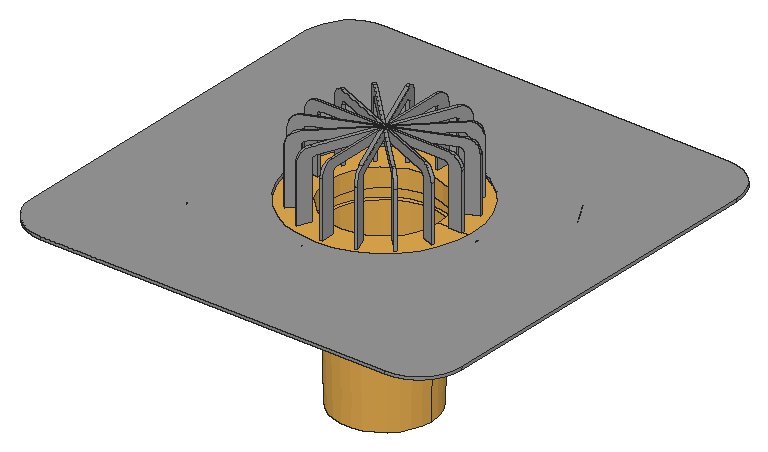
Revit family "TOPWET_Střešní vpust TW(E) 110 S", category Instalační zařizovací předměty, Revit 2016
Family settings
  Typ součásti = Normální
  Kóta kulaté spojky = Použít průměr
  Číslo OmniClass = 23.70.50.21.24
  Nadpis OmniClass = Waste Water Drains
  Založené na pracovní rovině = Ano
  Vždy vertikální = Ano
  Ořezat dutým tvarem při načtení = Ne
  Sdílené = Ne
  Bod výpočtu místnosti = Ne
Parameters (values of type "TW 110 BIT S svislé provedení, manžeta z asfaltového pásu")
  Šachta pro zelené střechy 400x400 [instance] = no
  Šachta pro zelené střechy 300x300 [instance] = no
  Šachta pro zelené střechy_výška [instance] = 500 mm
  ZUM [instance] = if(Nástavec střešní vpusti TWN, VN - 36 mm, 29.2 mm)  # 29.2 mm
  Vodní zápachová uzávěrka [instance] = no
  VZU [instance] = if(Nástavec střešní vpusti TWN, VN + 36.3 mm, 101 mm)  # 101 mm
  VZ [instance] = if(Nástavec střešní vpusti TWN, VN + 48 mm, 110 mm)  # 110 mm
  VTN [instance] = if(Nástavec střešní vpusti TWN, VN - 3 mm, 62.7 mm)  # 62.7 mm
  VS [instance] = if(Nástavec střešní vpusti TWN, VN + 47.3 mm, 113 mm)  # 113 mm
  VPK [instance] = if(Nástavec střešní vpusti TWN, VN - 57.5 mm, 8.5 mm)  # 8.5 mm
  VOK [instance] = if(Nástavec střešní vpusti TWN, VN - 18 mm, 47.7 mm)  # 47.7 mm
  Typ nástavce střešní vpusti TWN [instance] = Nástavec střešní vpusti TWN : TWN BIT
  Terasový nástavec TW TER_výška [instance] = 150 mm
  Terasový nástavec TW TER [instance] = no
  TNP [instance] = if(Nástavec střešní vpusti TWN, if(Perforovaný terasový nástavec TW TER P_Odvodňovací kroužky, VN + 40.3 mm + NOK, VN + 40.3 mm), if(Perforovaný terasový nástavec TW TER P_Odvodňovací kroužky, 107 mm + NOK, 107 mm))  # 107 mm
  TERC [instance] = and(Odvodňovací kroužek TW ODK_k nástavci TW TER P > 1, Perforovaný terasový nástavec TW TER P_Odvodňovací kroužky)  # no
  SZS [instance] = if(Nástavec střešní vpusti TWN, VN - 61.7 mm, 3 mm)  # 3 mm
  Plochý ochranný koš TW PLK [instance] = no
  Perforovaný terasový nástavec TW TER P_výška [instance] = 220 mm
  Odvodňovací kroužek TW ODK_k nástavci TW TER P [instance] = 1
  Perforovaný terasový nástavec TW TER P [instance] = no
  POK [instance] = if(Nástavec střešní vpusti TWN, VN - 65.7 mm, 0 mm)  # 0 mm
  TER [instance] = if(Odvodňovací kroužek TW ODK_k nástavci TW TER P < 2, 2, Odvodňovací kroužek TW ODK_k nástavci TW TER P)  # 2
  Perforovaný terasový nástavec TW TER P_Odvodňovací kroužky [instance] = Perforovaný terasový nástavec TW TER P  # no
  OKB [instance] = and(Odvodňovací kroužek TW ODK_k nástavci TW TER P = 1, Perforovaný terasový nástavec TW TER P_Odvodňovací kroužky)  # no
  Nástavec střešní vpusti TWN_výška [instance] = 300 mm
  Výrobce = "TOPWET"  # constant formula
  Default Elevation = 0 mm
  VN [instance] = Nástavec střešní vpusti TWN_výška + 68.7 mm  # 368.7 mm
  VK [instance] = if(Nástavec střešní vpusti TWN, VN - 61.7 mm, 0 mm)  # 0 mm
  URL = "http://www.topwet.cz/produkty/10-svisla-stresni-vpust-s-integrovanou-bitumenovou-manzetou"
  Typ obrázku = TW 75 BIT S.jpg
  T = 1
  Připojení odpadu = yes
  Perforovaný ochranný koš TWOK_počet nástavců [instance] = 3
  Popis = "Vpusť"
  Perforovaný ochranný koš TWOK [instance] = no
  PRŮTOK = 6.3 L/s  # constant formula
  Ochranný koš [instance] = and(not(Perforovaný ochranný koš TWOK), not(Terasový nástavec TW TER), not(Perforovaný terasový nástavec TW TER P), not(Plochý ochranný koš TW PLK))  # yes
  OBJEDNACÍ KÓD [instance] = if(T = 1, if(Elektrické vyhřívání_Vpusť, "TWE 110 BIT S", "TW 110 BIT S"), if(T = 2, if(Elektrické vyhřívání_Vpusť, "TWE 110 PVC S", "TW 110 PVC S"), if(T = 3, if(Elektrické vyhřívání_Vpusť, "TWE 110 ___ S", "TW 110 ___ S"), "NEDEFINOVÁNO")))  # "TW 110 BIT S"
  Nástavec střešní vpusti TWN [instance] = no
  NOK [instance] = if(Perforovaný terasový nástavec TW TER P_Odvodňovací kroužky, Odvodňovací kroužek TW ODK_k nástavci TW TER P * 33 mm, 0 mm)  # 0 mm
  Model = "viz OBJEDNACÍ KÓD"
  Mechanická zápachová uzávěrka [instance] = no
  MZK [instance] = if(Nástavec střešní vpusti TWN, VN - 26 mm, 39 mm)  # 39 mm
  Límec_Materiál = Plast - černý
  Komentáře k typům = "Střešní vpust TOPWET s integrovanou manžetou z modifikovaného asfaltového pásu, svislé provedení, tepelně izolovaná - dvojstěnná s ochranným košem"
  Klíčová poznámka = "TW 110 ___ S"
  JMENOVITÝ PRŮMĚR = 110 mm  # constant formula
  Elektrické vyhřívání_Vpusť = no
  Cena = 0
  COPYRIGHT = "©TOPWET"  # constant formula
Reference planes
  plane 1 "Střed (vpředu/vzadu)": y = 0
  plane 2 "Vkládací rovina": z = 0
  plane 3 "Střed (vlevo/vpravo)": x = 0
  plane 4 "Rovina osazení spodní hrany terasového nástavce TW TER P": z = -12
  plane 5 "Rovina osazení spodní hrany zápachové uzávěry": z = -121.954
  plane 6 "Rovina osazení spodní hrany vpusti TWN": z = -62.654
  plane 7 "Rovina osazení horní hrany mechanické zápachové klapky": z = -23.485
  plane 8: z = -210
  plane 9: z = -14.954
  plane 10 "pomocná rovina": through (4267.2, 0.017, -62.631) normal (0, 0.454, 0.891)
  plane 11: z = 0.046
  plane 12: z = -33.454
Forms (mm)
  Extrusion 1, solid, material "Plast - černý" <- "Límec_Materiál", detail levels medium+fine
    sketch origin (0, 0, 0) x (1, 0, 0) y (0, 1, 0)
      loop
        arc (-200, 250) -> (-235.355, 235.355) -> (-250, 200) r 50
        line (-250, 200) -> (-250, -200)
        arc (-250, -200) -> (-235.355, -235.355) -> (-200, -250) r 50
        line (-200, -250) -> (200, -250)
        arc (200, -250) -> (235.355, -235.355) -> (250, -200) r 50
        line (250, -200) -> (250, 200)
        arc (250, 200) -> (235.355, 235.355) -> (200, 250) r 50
        line (200, 250) -> (-200, 250)
      loop
        circle (0, 0) r 102.863
    from 0 to 3
  Sweep 2, solid, visible <- "Elektrické vyhřívání_Vpusť", detail levels medium+fine
    path origin (-35.053, 0, -44.762) x (-0.891007, 0, 0.45399) y (0, -1, 0)
      loop
        arc (-40.205, 73.652) -> (-137.53, 202.282) -> (-280, 126.651) r 124.374
        arc (-280, 126.651) -> (-280.843, -30.817) -> (-174.85, -147.275) r 216.685
    profile origin (87.487, -202.282, -107.199) x (0.192289, 0.976435, -0.097976) y (0.45399, 0, 0.891007)
      loop
        circle (0, 0) r 4
  Revolve 3, solid, material "Plast - hnědý", detail levels medium+fine
    sketch origin (0, 0, 0) x (1, 0, 0) y (0, 0, 1)
      loop
        line (-64, -21) -> (-64, 0) -> (-181, 0) -> (-181, -3) -> (-108.601, -3) -> (-90.057, -18.735)
        arc (-90.057, -18.735) -> (-84.031, -22.252) -> (-77.163, -23.485) r 20
        line (-77.163, -23.485) -> (-73.768, -119.743)
        arc (-73.768, -119.743) -> (-71.849, -125.841) -> (-67.072, -130.088) r 12
        line (-67.072, -130.088) -> (-56.897, -135.093) -> (-55, -210) -> (-50.999, -210) -> (-53.347, -117.263) -> (-61.5, -111) -> (-63.5, -33.485) -> (-68.499, -33.485) -> (-68.499, -21) -> (-64, -21)
      axis (0, -210) -> (0, 0)
    angle from 0 to 360
Lines and regions (mm)
  model lines, detail levels coarse+medium
    curve 1: line (0, 0, -100) -> (100, 0, 0)
    curve 2: line (0, 0, -100) -> (-100, 0, 0)
    curve 3: line (0, 0, -100) -> (0, 0, -210)
  symbolic lines, detail levels coarse+medium
    curve 4: line (0, 0, -97) -> (0, -100, 3)
    curve 5: line (0, 0, -97) -> (0, 100, 3)
    curve 6: line (0, 0, -97) -> (0, 0, -210)
    curve 7: circle (0, 0, 0) r 180 normal (0, 0, 1)
    curve 8: line (0, -181, 0) -> (0, 181, 0)
  symbolic lines, not visible, detail levels coarse+medium
    curve 9: circle (554.665, 348.517, 0) r 180 normal (0, 0, 1)
    curve 10: line (554.665, 167.517, 0) -> (554.665, 529.517, 0)
  model lines, not visible
    curve 11: line (0, 0, -33.5) -> (0, 0, -76)
Text (mm)
  text "Pro vkládní volitelných komponent použijte Konstrukční pohled" at (0, -25.874, 126.206), in view "Levý"
  text "Pro vkládní volitelných komponent použijte Konstrukční pohled" at (0, 24.971, 129.933), in view "Pravý"
  text "Pro vkládní volitelných komponent použijte Konstrukční pohled" at (-25.479, 0, 126.207), in view "Zadní"
  text "Rovina osazení spodní hrany zápachové uzávěry" at (115.374, 0, -123.298), in view "Konstrukční pohled"
  text "Rovina osazení spodní hrany terasového nástavce TW TER P" at (115.374, 0, -12.728), in view "Konstrukční pohled"
  text "Rovina osazení spodní hrany nástavce TWN" at (115.374, 0, -63.998), in view "Konstrukční pohled"
  text "Rovina osazení horní hrany mechanické zápachové klapky" at (115.374, 0, -24.213), in view "Konstrukční pohled"
Dimensions and locks
  "VN": nested 2 to plane 6 "Rovina osazení spodní hrany vpusti TWN"
  "VK": nested 1 to plane 2 "Vkládací rovina"
  "VPK": nested 3 to plane 7 "Rovina osazení horní hrany mechanické zápachové klapky"
  "TNP": nested 5 to plane 5 "Rovina osazení spodní hrany zápachové uzávěry"
  "POK": nested 6 to Extrusion 1
  "SZS": nested 7 to plane 2 "Vkládací rovina"
  "VZU": nested 10 to plane 5 "Rovina osazení spodní hrany zápachové uzávěry"
  "VZ": curve 3 to curve 3
  locked: curve 1 to curve 3 at 141.421
  locked: curve 3 to curve 2 at 141.421
  locked: nested 2 to curve 2 at 100
  locked: curve 1 to nested 2 at 100
  "SZS": nested 8 to plane 2 "Vkládací rovina"
  group 3 to group 4 = 0 mm  (x2)
  group 3 to group 4 = 33 mm
  "VOK": plane 9 to plane 6 "Rovina osazení spodní hrany vpusti TWN"
  locked: nested 12 to plane 9 at 33
  "VTN": plane 11 to plane 6 "Rovina osazení spodní hrany vpusti TWN"
  "ZUM": plane 12 to plane 6 "Rovina osazení spodní hrany vpusti TWN"
  "VS": curve 6 to plane 8
  locked: curve 5 to curve 6 at 141.421
  locked: curve 6 to curve 4 at 141.421
  locked: curve 5 to curve 2 at 100
  aligned and locked: level to plane 2 "Vkládací rovina"
  aligned and locked: plane 8 to curve 3
  aligned and locked: plane 9 to nested 11
  aligned and locked: plane 9 to nested 13
  aligned and locked: nested 13 to nested 13
  aligned and locked: plane 11 to nested 4
  aligned and locked: plane 12 to nested 9
Automatic sketch dimensions
  plane 1 "Střed (vpředu/vzadu)" to Extrusion 1 sketch curve = 0 mm
  Extrusion 1 sketch curve to plane 3 "Střed (vlevo/vpravo)" = 0 mm
  Extrusion 1 sketch curve to plane 3 "Střed (vlevo/vpravo)" = 200 mm  (x2)
  Extrusion 1 sketch curve to Extrusion 1 sketch curve = 50 mm  (x2)
  plane 3 "Střed (vlevo/vpravo)" to Extrusion 1 sketch curve = 200 mm  (x2)
  plane 1 "Střed (vpředu/vzadu)" to Extrusion 1 sketch curve = 200 mm
  Extrusion 1 sketch curve to plane 1 "Střed (vpředu/vzadu)" = 200 mm
  plane 1 "Střed (vpředu/vzadu)" to Sweep 2 sketch curve = 80.839 mm
  plane 1 "Střed (vpředu/vzadu)" to Sweep 2 sketch curve = 46.836 mm
  Sweep 2 sketch curve to Sweep 2 sketch curve = 85.821 mm
  Sweep 2 sketch curve to Sweep 2 sketch curve = 96.3 mm
  Sweep 2 sketch curve to Sweep 2 sketch curve = 115.629 mm
  Sweep 2 sketch curve to Sweep 2 sketch curve = 0 mm
  Sweep 2 sketch curve to Sweep 2 sketch curve = 38.345 mm
  Sweep 2 sketch curve to profile plane = 0 mm  (x2)
  Revolve 3 sketch curve to level = 0 mm  (x2)
  Revolve 3 sketch curve to plane 7 "Rovina osazení horní hrany mechanické zápachové klapky" = 0 mm
  Revolve 3 sketch curve to plane 8 = 0 mm
  Revolve 3 sketch curve to plane 3 "Střed (vlevo/vpravo)" = 0 mm
  Revolve 3 sketch curve to plane 3 "Střed (vlevo/vpravo)" = 50.999 mm
  plane 5 "Rovina osazení spodní hrany zápachové uzávěry" to Revolve 3 sketch curve = 4.691 mm
  Revolve 3 sketch curve to plane 3 "Střed (vlevo/vpravo)" = 53.347 mm
  Revolve 3 sketch curve to Revolve 3 sketch curve = 4.001 mm
  Revolve 3 sketch curve to plane 5 "Rovina osazení spodní hrany zápachové uzávěry" = 13.139 mm
  Revolve 3 sketch curve to Revolve 3 sketch curve = 3.55 mm
  plane 5 "Rovina osazení spodní hrany zápachové uzávěry" to Revolve 3 sketch curve = 10.954 mm
  Revolve 3 sketch curve to Revolve 3 sketch curve = 8.153 mm
  plane 5 "Rovina osazení spodní hrany zápachové uzávěry" to Revolve 3 sketch curve = 2.633 mm
  Revolve 3 sketch curve to Revolve 3 sketch curve = 0.275 mm
  Revolve 3 sketch curve to plane 7 "Rovina osazení horní hrany mechanické zápachové klapky" = 10 mm
  Revolve 3 sketch curve to plane 3 "Střed (vlevo/vpravo)" = 63.5 mm
  plane 7 "Rovina osazení horní hrany mechanické zápachové klapky" to Revolve 3 sketch curve = 2.485 mm
  Revolve 3 sketch curve to Revolve 3 sketch curve = 0.5 mm
  Revolve 3 sketch curve to plane 5 "Rovina osazení spodní hrany zápachové uzávěry" = 8.134 mm
  Revolve 3 sketch curve to Revolve 3 sketch curve = 10.175 mm
  Revolve 3 sketch curve to Revolve 3 sketch curve = 4.999 mm
  plane 5 "Rovina osazení spodní hrany zápachové uzávěry" to Revolve 3 sketch curve = 2.21 mm
  Revolve 3 sketch curve to level = 3.485 mm
  Revolve 3 sketch curve to Revolve 3 sketch curve = 13.117 mm
  Revolve 3 sketch curve to Revolve 3 sketch curve = 8.664 mm
  plane 7 "Rovina osazení horní hrany mechanické zápachové klapky" to Revolve 3 sketch curve = 4.75 mm
  Revolve 3 sketch curve to level = 3 mm
  Revolve 3 sketch curve to Revolve 3 sketch curve = 18.544 mm
  Revolve 3 sketch curve to Revolve 3 sketch curve = 72.399 mm
  level to Revolve 3 sketch curve = 20 mm
  curve 5 to plane 1 "Střed (vpředu/vzadu)" = 0 mm
  curve 6 to plane 8 = 0 mm
  curve 2 to plane 3 "Střed (vlevo/vpravo)" = 0 mm
  curve 11 to plane 3 "Střed (vlevo/vpravo)" = 0 mm
  curve 11 to plane 6 "Rovina osazení spodní hrany vpusti TWN" = 13.346 mm
  curve 11 to plane 12 = 0.046 mm
  radius of Extrusion 1 sketch curve = 102.863 mm
  radius of Sweep 2 sketch curve = 4 mm
Nested families
  nested 1: "Ochranný koš" at (0, 0, 0), visible <- "Ochranný koš", type "Ochranný koš", detail levels medium+fine
  nested 2: "Nástavec střešní vpusti TWN" at (0, 0, 303.046), Výška <- "Nástavec střešní vpusti TWN_výška", Použít měřítko poznámky <- "Nástavec střešní vpusti TWN", visible <- "Nástavec střešní vpusti TWN", type <- "Typ nástavce střešní vpusti TWN", type "TWN BIT"
    with Výška 300 mm, Viditelnost yes, V 362.7 mm, Použít měřítko poznámky 0, OBJEDNACÍ KÓD "TWN v300 BIT", K 300 mm, D -362.7 mm
  nested 3: "Perforovaný ochranný koš TWOK" at (0, 0, 99.015), visible <- "Perforovaný ochranný koš TWOK", Počet nástavců <- "Perforovaný ochranný koš TWOK_počet nástavců", type "Perforovaný ochranný koš TWOK"
    with Výška 99 mm, VPK yes, VOK yes, Počet nástavců 3, PKK 99 mm, PK 3, P 2, OK 15 mm, OBJEDNACÍ KÓD "TWOK v100", Kontrola yes, K1 no
  nested 4: "Terasový nástavec TW TER" at (0, 0, 135.046), Výška <- "Terasový nástavec TW TER_výška", visible <- "Terasový nástavec TW TER", type "Terasový nástavec TW TER"
    with Výška 150 mm, VK yes, PK 10, OBJEDNACÍ KÓD "TW TER", MD1 -117 mm, Kontrola yes, KO -8 mm, E 97.5 mm, D 117 mm
  nested 5: "Perforovaný terasový nástavec TW TER P" at (0, 0, 205.046), visible <- "Perforovaný terasový nástavec TW TER P", Výška <- "Perforovaný terasový nástavec TW TER P_výška", type "Perforovaný terasový nástavec TW TER P"
    with Výška 220 mm, VN3 yes, VN2 yes, VN1 yes, VK yes, PK 10, OBJEDNACÍ KÓD "TW TER P", MD1 -121 mm, Kontrola yes, KO -8 mm, E 101.5 mm, D 121 mm
  nested 6: "Plochý ochranný koš TW PLK" at (0, 0, 0), visible <- "Plochý ochranný koš TW PLK", type "Plochý ochranný koš TW PLK", detail levels fine
    with OBJEDNACÍ KÓD "TW PLK"
  nested 7: "Šachta pro zelené střechy" at (0, 0, 503), Výška <- "Šachta pro zelené střechy_výška", visible <- "Šachta pro zelené střechy 300x300", type "TWZ 300x300"
    with Výška 500 mm, SN 36 mm, S1 0 mm, Počet lamel 5, PP 4, ON -436 mm, OBJEDNACÍ KÓD "TWZ 300x300x530", LAP yes, LAN yes, LA1 no, Kontrola yes, KO -43 mm, H 530 mm
  nested 8: "Šachta pro zelené střechy" at (0, 0, 503), Výška <- "Šachta pro zelené střechy_výška", visible <- "Šachta pro zelené střechy 400x400", type "TWZ 400x400"
    with Výška 500 mm, SN 36 mm, S1 0 mm, Počet lamel 5, PP 4, ON -436 mm, OBJEDNACÍ KÓD "TWZ 400x400x530", LAP yes, LAN yes, LA1 no, Kontrola yes, KO -43 mm, H 530 mm
  nested 9: "Mechanická zápachová klapka" at (0, 0, -24.154), visible <- "Mechanická zápachová uzávěrka", type "Mechanická zápachová klapka", detail levels fine
    with OBJEDNACÍ KÓD "TWZU KL"
  nested 10: "Vodní zápachová uzávěra" at (0, 0, -20.954), visible <- "Vodní zápachová uzávěrka", type "Vodní zápachová uzávěra", detail levels fine
    with OBJEDNACÍ KÓD "TWZU"
  nested 11: "Odvodňovací kroužek pro ochranný koš TW ODK" at (0, 0, 18.046), visible <- "TERC", type "Odvodňovací kroužek pro ochranný koš TW ODK"
    with Seříznutí 0 mm, OBJEDNACÍ KÓD "TW ODK"
  nested 12: "Odvodňovací kroužek pro ochranný koš TW ODK" at (0, 0, 51.046), visible <- "TERC", type "Odvodňovací kroužek pro ochranný koš TW ODK"
    with Seříznutí 0 mm, OBJEDNACÍ KÓD "TW ODK"
  nested 13: "Odvodňovací kroužek pro ochranný koš TW ODK" at (0, 0, 18.046), visible <- "OKB", type "Odvodňovací kroužek pro ochranný koš TW ODK"
    with Seříznutí 0 mm, OBJEDNACÍ KÓD "TW ODK"
Connectors
  piping at (0, 0, -210), diameter 110, driven by "JMENOVITÝ PRŮMĚR", driven by "PRŮTOK"
    settings: on Revolve 3, index 1, connector inside diameter 609.6 mm, connector length 0 mm, flow factor 0, pipe flow 6.3 L/s, pressure drop 0.0 Pa, fitting loss kfactor 0, connector angle 0.00°, fixture units 0, engagement length 0 mm, angle of deflection 0.00°, flow configuration 1, flow direction 2, fitting loss method 0, system type 16, joint type 0, gender type 0, connector reference index -1, connector utility 0, adjustable connector yes, is connector primary yes, connector description "DO DEŠŤOVÉ KANALIZACE"
Definition of nested family "Ochranný koš"
  Parameters (values of type "Ochranný koš")
    Manufacturer = "TOPWET"  # constant formula
    URL = ""
    Description = "Příslušenství vpusti - není volitelné příslušenství"
    Model = "Model"
    Type Comments = "Komentáře k typům"
    Cost = 0
    Copyright = "©TOPWET"  # constant formula
  Reference planes
    plane 1 "Střed (vpředu/vzadu)": y = 0
    plane 2: z = 0
    plane 3 "Střed (vlevo/vpravo)": x = 0
  Forms (mm)
    Extrusion 1, solid, detail levels fine
      sketch origin (0, 0, 0) x (1, 0, 0) y (0, 0, 1)
        loop
          line (76.5, 79) -> (-76.5, 79)
          arc (-76.5, 79) -> (-87.107, 74.607) -> (-91.5, 64) r 15
          line (-91.5, 64) -> (-91.5, 0) -> (-76.5, 0) -> (-76.5, 64)
          arc (-76.5, 64) -> (-75.036, 67.536) -> (-71.5, 69) r 5
          line (-71.5, 69) -> (71.5, 69)
          arc (71.5, 69) -> (75.036, 67.536) -> (76.5, 64) r 5
          line (76.5, 64) -> (76.5, 0) -> (91.5, 0) -> (91.5, 64)
          arc (91.5, 64) -> (87.107, 74.607) -> (76.5, 79) r 15
      from -1.5 to 1.5
    Extrusion 2, solid, detail levels fine
      sketch origin (0, 0, 0) x (0, 1, 0) y (0, 0, 1)
        loop
          line (76.5, 79) -> (-76.5, 79)
          arc (-76.5, 79) -> (-87.107, 74.607) -> (-91.5, 64) r 15
          line (-91.5, 64) -> (-91.5, 0) -> (-76.5, 0) -> (-76.5, 64)
          arc (-76.5, 64) -> (-75.036, 67.536) -> (-71.5, 69) r 5
          line (-71.5, 69) -> (71.5, 69)
          arc (71.5, 69) -> (75.036, 67.536) -> (76.5, 64) r 5
          line (76.5, 64) -> (76.5, 0) -> (91.5, 0) -> (91.5, 64)
          arc (91.5, 64) -> (87.107, 74.607) -> (76.5, 79) r 15
      from -1.5 to 1.5
    Extrusion 3, solid, detail levels fine
      sketch origin (0, 0, 0) x (0.382683, 0.92388, 0) y (0, 0, 1)
        loop
          line (76.5, 79) -> (-76.5, 79)
          arc (-76.5, 79) -> (-87.107, 74.607) -> (-91.5, 64) r 15
          line (-91.5, 64) -> (-91.5, 0) -> (-76.5, 0) -> (-76.5, 64)
          arc (-76.5, 64) -> (-75.036, 67.536) -> (-71.5, 69) r 5
          line (-71.5, 69) -> (71.5, 69)
          arc (71.5, 69) -> (75.036, 67.536) -> (76.5, 64) r 5
          line (76.5, 64) -> (76.5, 0) -> (91.5, 0) -> (91.5, 64)
          arc (91.5, 64) -> (87.107, 74.607) -> (76.5, 79) r 15
      from -1.5 to 1.5
    Extrusion 4, solid, detail levels fine
      sketch origin (0, 0, 0) x (0.707107, 0.707107, 0) y (0, 0, 1)
        loop
          line (76.5, 79) -> (-76.5, 79)
          arc (-76.5, 79) -> (-87.107, 74.607) -> (-91.5, 64) r 15
          line (-91.5, 64) -> (-91.5, 0) -> (-76.5, 0) -> (-76.5, 64)
          arc (-76.5, 64) -> (-75.036, 67.536) -> (-71.5, 69) r 5
          line (-71.5, 69) -> (71.5, 69)
          arc (71.5, 69) -> (75.036, 67.536) -> (76.5, 64) r 5
          line (76.5, 64) -> (76.5, 0) -> (91.5, 0) -> (91.5, 64)
          arc (91.5, 64) -> (87.107, 74.607) -> (76.5, 79) r 15
      from -1.5 to 1.5
    Extrusion 5, solid, detail levels fine
      sketch origin (0, 0, 0) x (0.92388, 0.382683, 0) y (0, 0, 1)
        loop
          line (76.5, 79) -> (-76.5, 79)
          arc (-76.5, 79) -> (-87.107, 74.607) -> (-91.5, 64) r 15
          line (-91.5, 64) -> (-91.5, 0) -> (-76.5, 0) -> (-76.5, 64)
          arc (-76.5, 64) -> (-75.036, 67.536) -> (-71.5, 69) r 5
          line (-71.5, 69) -> (71.5, 69)
          arc (71.5, 69) -> (75.036, 67.536) -> (76.5, 64) r 5
          line (76.5, 64) -> (76.5, 0) -> (91.5, 0) -> (91.5, 64)
          arc (91.5, 64) -> (87.107, 74.607) -> (76.5, 79) r 15
      from -1.5 to 1.5
    Extrusion 6, solid, detail levels fine
      sketch origin (0, 0, 0) x (-0.382683, 0.92388, 0) y (0, 0, -1)
        loop
          arc (76.5, -79) -> (87.107, -74.607) -> (91.5, -64) r 15
          line (91.5, -64) -> (91.5, 0) -> (76.5, 0) -> (76.5, -64)
          arc (76.5, -64) -> (75.036, -67.536) -> (71.5, -69) r 5
          line (71.5, -69) -> (-71.5, -69)
          arc (-71.5, -69) -> (-75.036, -67.536) -> (-76.5, -64) r 5
          line (-76.5, -64) -> (-76.5, 0) -> (-91.5, 0) -> (-91.5, -64)
          arc (-91.5, -64) -> (-87.107, -74.607) -> (-76.5, -79) r 15
          line (-76.5, -79) -> (76.5, -79)
      from -1.5 to 1.5
    Extrusion 7, solid, detail levels fine
      sketch origin (0, 0, 0) x (-0.707107, 0.707107, 0) y (0, 0, -1)
        loop
          arc (76.5, -79) -> (87.107, -74.607) -> (91.5, -64) r 15
          line (91.5, -64) -> (91.5, 0) -> (76.5, 0) -> (76.5, -64)
          arc (76.5, -64) -> (75.036, -67.536) -> (71.5, -69) r 5
          line (71.5, -69) -> (-71.5, -69)
          arc (-71.5, -69) -> (-75.036, -67.536) -> (-76.5, -64) r 5
          line (-76.5, -64) -> (-76.5, 0) -> (-91.5, 0) -> (-91.5, -64)
          arc (-91.5, -64) -> (-87.107, -74.607) -> (-76.5, -79) r 15
          line (-76.5, -79) -> (76.5, -79)
      from -1.5 to 1.5
    Extrusion 8, solid, detail levels fine
      sketch origin (0, 0, 0) x (-0.92388, 0.382683, 0) y (0, 0, -1)
        loop
          arc (76.5, -79) -> (87.107, -74.607) -> (91.5, -64) r 15
          line (91.5, -64) -> (91.5, 0) -> (76.5, 0) -> (76.5, -64)
          arc (76.5, -64) -> (75.036, -67.536) -> (71.5, -69) r 5
          line (71.5, -69) -> (-71.5, -69)
          arc (-71.5, -69) -> (-75.036, -67.536) -> (-76.5, -64) r 5
          line (-76.5, -64) -> (-76.5, 0) -> (-91.5, 0) -> (-91.5, -64)
          arc (-91.5, -64) -> (-87.107, -74.607) -> (-76.5, -79) r 15
          line (-76.5, -79) -> (76.5, -79)
      from -1.5 to 1.5
  Dimensions and locks
    aligned and locked: level to plane 2
Definition of nested family "Nástavec střešní vpusti TWN"
  Parameters (values of type "TWNE___ vyhřívaný")
    Výška_Minimální = if(Elektrické vyhřívání, 90 mm, 40 mm)  # 90 mm
    Výška_Maximální = 500 mm  # constant formula
    Výška [instance] = 500 mm
    Manufacturer = "TOPWET"  # constant formula
    Viditelnost [instance] = yes
    V [instance] = Výška + 62.7 mm  # 562.7 mm
    URL = "http://www.topwet.cz/produkty/148-nastavec-stresni-vpusti-s-integrovanou-manzetou-na-zakazku"
    Type Image = element 950273
    Použít měřítko poznámky [instance] = 0
    Description = "Příslušenství vpusti"
    OBJEDNACÍ KÓD [instance] = size_lookup("TWN", "", "NEDEFINOVÁNO", M + K + 1000 mm + if(Elektrické vyhřívání, 10000 mm, 0 mm))  # "TWNE v500 ___"
    Model = "viz OBJEDNACÍ KÓD"
    M = 3 mm
    Límec = none
    Type Comments = "Vyhřívaný nástavec TOPWET s integrovanou manžetou na zakázku pro svislé a vodorovné provedení střešních vpustí TOPWET DN 70, 100 a 125 s těsnícím kroužkem, bez ochranného koše."
    Keynote = ""
    K [instance] = if(Výška > 300 mm, 500 mm, if(Výška > 220 mm, 300 mm, 220 mm))  # 500 mm
    Elektrické vyhřívání = yes
    D [instance] = if(or(Výška < Výška_Minimální, Výška > Výška_Maximální), -Výška_Maximální - 72.7 mm, -V)  # -562.7 mm
    Cost = 0
    COPYRIGHT = "©TOPWET"  # constant formula
  Types (6, lengths in mm): name | Výška_Minimální | URL | Type Image | OBJEDNACÍ KÓD | M | Type Comments | Elektrické vyhřívání
    TWN BIT | 40 | "http://www.topwet.cz/produkty/146-nastavec-stresni-vpusti-s-integrovanou-bitumenovou-manzetou" | element 950269 | "TWN v500 BIT" | 1 | "Nástavec TOPWET s integrovanou manžetou z modifikovaného asfaltového pásu pro svislé a vodorovné provedení střešních vpustí TOPWET DN 70, 100 a 125 s těsnicím kroužkem, bez ochranného koše." | no
    TWN PVC | 40 | "http://www.topwet.cz/produkty/147-nastavec-stresni-vpusti-s-integrovanou-pvc-manzetou" | element 950265 | "TWN v500 PVC" | 2 | "Nástavec TOPWET s integrovanou manžetou z hydroizolační fólie na bázi PVC pro svislé a vodorovné provedení střešních vpustí TOPWET DN 70, 100 a 125 s těsnícím kroužkem, bez ochranného koše." | no
    TWN___ | 40 | "http://www.topwet.cz/produkty/148-nastavec-stresni-vpusti-s-integrovanou-manzetou-na-zakazku" | element 950267 | "TWN v500 ___" | 3 | "Nástavec TOPWET s integrovanou manžetou na zakázku pro svislé a vodorovné provedení střešních vpustí TOPWET DN 70, 100 a 125 s těsnícím kroužkem, bez ochranného koše." | no
    TWNE___ vyhřívaný | 90 | "http://www.topwet.cz/produkty/148-nastavec-stresni-vpusti-s-integrovanou-manzetou-na-zakazku" | element 950273 | "TWNE v500 ___" | 3 | "Vyhřívaný nástavec TOPWET s integrovanou manžetou na zakázku pro svislé a vodorovné provedení střešních vpustí TOPWET DN 70, 100 a 125 s těsnícím kroužkem, bez ochranného koše." | yes
    TWNE BIT vyhřívaný | 90 | "http://www.topwet.cz/produkty/146-nastavec-stresni-vpusti-s-integrovanou-bitumenovou-manzetou" | element 950271 | "TWNE v500 BIT" | 1 | "Vyhřívaný nástavec TOPWET s integrovanou manžetou z modifikovaného asfaltového pásu pro svislé a vodorovné provedení střešních vpustí TOPWET DN 70, 100 a 125 s těsnicím kroužkem, bez ochranného koše." | yes
    TWNE PVC vyhřívaný | 90 | "http://www.topwet.cz/produkty/147-nastavec-stresni-vpusti-s-integrovanou-pvc-manzetou" | element 950273 | "TWNE v500 PVC" | 2 | "Vyhřívaný nástavec TOPWET s integrovanou manžetou z hydroizolační fólie na bázi PVC pro svislé a vodorovné provedení střešních vpustí TOPWET DN 70, 100 a 125 s těsnícím kroužkem, bez ochranného koše." | yes
  Reference planes
    plane 1 "Střed (vpředu/vzadu)": y = 0
    plane 2: z = 0
    plane 3 "Střed (vlevo/vpravo)": x = 0
    plane 4 "Maximum": z = -562.7
    plane 5 "Minimum": z = -40
    plane 6: z = -562.7
  Forms (mm)
    Extrusion 1, solid, material <- "Límec", visible <- "Viditelnost", detail levels medium+fine
      sketch origin (0, 0, 0) x (1, 0, 0) y (0, 1, 0)
        loop
          line (-200, -250) -> (200, -250)
          arc (200, -250) -> (235.355, -235.355) -> (250, -200) r 50
          line (250, -200) -> (250, 200)
          arc (250, 200) -> (235.355, 235.355) -> (200, 250) r 50
          line (200, 250) -> (-200, 250)
          arc (-200, 250) -> (-235.355, 235.355) -> (-250, 200) r 50
          line (-250, 200) -> (-250, -200)
          arc (-250, -200) -> (-235.355, -235.355) -> (-200, -250) r 50
        loop
          circle (0, 0) r 106.5
      from 0 to 3
    Revolve 2, solid, visible <- "Viditelnost", detail levels medium+fine
      sketch origin (0, 0, 0) x (1, 0, 0) y (0, 0, 1)
        loop
          line (62.5, -562.7) -> (62.5, -35.5) -> (71.5, -35.5) -> (109.5, -3) -> (146.5, -3) -> (146.5, 0) -> (64.5, 0) -> (64.5, -21) -> (68.5, -21) -> (68.5, -33) -> (56.5, -33) -> (56.5, -81) -> (59.5, -81) -> (59.5, -562.7) -> (62.5, -562.7)
        axis (0, 0) -> (0, -562.7)
      angle from 0 to 360
    Extrusion 3, void, detail levels fine
      sketch origin (0, 0, 0) x (1, 0, 0) y (0, 1, 0)
        loop
          circle (0, 0) r 200
      from -572.7 to -562.7 <- "D"
    Sweep 4, solid, visible <- "Elektrické vyhřívání", detail levels medium+fine
      path origin (-38.319, 11.345, -40.792) x (-0.882948, 0, 0.469472) y (0, -1, 0)
        loop
          arc (-40.205, 73.652) -> (-137.53, 202.282) -> (-280, 126.651) r 124.374
          arc (-280, 126.651) -> (-280.843, -30.817) -> (-174.85, -147.275) r 216.685
      profile origin (83.113, -190.937, -105.358) x (0.19055, 0.976435, -0.101317) y (0.469472, 0, 0.882948)
        loop
          circle (0, 0) r 4
    Revolve 5, solid, visible <- "Elektrické vyhřívání", detail levels medium+fine
      sketch origin (0, 0, 0) x (1, 0, 0) y (0, 0, 1)
        loop
          line (62.5, -100) -> (71.5, -100) -> (71.5, -35.5) -> (62.5, -35.5) -> (62.5, -100)
        axis (0, -35.5) -> (0, -100)
      angle from 0 to 360
  Cuts and joins
    Extrusion 3 cuts Revolve 2
  Dimensions and locks
    "V": plane 2 to plane 6
    aligned and locked: level to plane 2
    aligned and locked: plane 4 "Maximum" to Revolve 2 sketch curve
  Automatic sketch dimensions
    Extrusion 1 sketch curve to plane 3 "Střed (vlevo/vpravo)" = 200 mm  (x2)
    Extrusion 1 sketch curve to Extrusion 1 sketch curve = 50 mm  (x2)
    plane 3 "Střed (vlevo/vpravo)" to Extrusion 1 sketch curve = 200 mm  (x2)
    plane 1 "Střed (vpředu/vzadu)" to Extrusion 1 sketch curve = 200 mm
    Extrusion 1 sketch curve to plane 1 "Střed (vpředu/vzadu)" = 200 mm
    plane 1 "Střed (vpředu/vzadu)" to Extrusion 3 sketch curve = 0 mm
    Extrusion 3 sketch curve to plane 3 "Střed (vlevo/vpravo)" = 0 mm
    Extrusion 1 sketch curve to plane 3 "Střed (vlevo/vpravo)" = 106.5 mm
    Extrusion 1 sketch curve to Extrusion 1 sketch curve = 0 mm  (x2)
    plane 1 "Střed (vpředu/vzadu)" to Extrusion 1 sketch curve = 0 mm
    Extrusion 1 sketch curve to plane 3 "Střed (vlevo/vpravo)" = 0 mm
    Revolve 2 sketch curve to plane 3 "Střed (vlevo/vpravo)" = 0 mm
    Revolve 2 sketch curve to level = 0 mm
    plane 3 "Střed (vlevo/vpravo)" to Revolve 2 sketch curve = 56.5 mm
    Revolve 2 sketch curve to Revolve 2 sketch curve = 3 mm  (x3)
    Revolve 2 sketch curve to Revolve 2 sketch curve = 8 mm
    Revolve 2 sketch curve to Revolve 2 sketch curve = 6 mm
    Revolve 2 sketch curve to level = 3 mm
    Revolve 2 sketch curve to Revolve 2 sketch curve = 41 mm
    Revolve 2 sketch curve to Revolve 2 sketch curve = 37 mm
    plane 5 "Minimum" to Revolve 2 sketch curve = 41 mm
    Revolve 2 sketch curve to plane 5 "Minimum" = 4.5 mm
    Revolve 2 sketch curve to Revolve 2 sketch curve = 12 mm
    level to Revolve 2 sketch curve = 25 mm
    Revolve 2 sketch curve to Revolve 2 sketch curve = 65 mm
    Revolve 2 sketch curve to Revolve 2 sketch curve = 2.5 mm
    Revolve 5 sketch curve to plane 3 "Střed (vlevo/vpravo)" = 0 mm
    plane 3 "Střed (vlevo/vpravo)" to Revolve 5 sketch curve = 62.5 mm
    plane 5 "Minimum" to Revolve 5 sketch curve = 60 mm
    Revolve 5 sketch curve to plane 5 "Minimum" = 4.5 mm
    Revolve 5 sketch curve to Revolve 5 sketch curve = 20.5 mm
    level to Revolve 5 sketch curve = 14.5 mm
    Revolve 5 sketch curve to Revolve 5 sketch curve = 9 mm
    plane 1 "Střed (vpředu/vzadu)" to Sweep 4 sketch curve = 69.494 mm
    plane 1 "Střed (vpředu/vzadu)" to Sweep 4 sketch curve = 35.491 mm
    Sweep 4 sketch curve to Sweep 4 sketch curve = 85.821 mm
    Sweep 4 sketch curve to Sweep 4 sketch curve = 96.3 mm
    plane 1 "Střed (vpředu/vzadu)" to Sweep 4 sketch curve = 115.306 mm
    Sweep 4 sketch curve to Sweep 4 sketch curve = 0 mm
    Sweep 4 sketch curve to Sweep 4 sketch curve = 38.345 mm
    Sweep 4 sketch curve to profile plane = 0 mm  (x2)
    radius of Extrusion 3 sketch curve = 200 mm
    radius of Sweep 4 sketch curve = 4 mm
Definition of nested family "Perforovaný ochranný koš TWOK"
  Parameters (values of type "Perforovaný ochranný koš TWOK")
    Výška_Minimální = 33 mm  # constant formula
    Výška_Maximální = 990 mm  # constant formula
    Výška [instance] = Počet nástavců * 33 mm  # 99 mm
    Manufacturer = "TOPWET"  # constant formula
    VPK [instance] = PK > 1  # yes
    URL = "http://www.topwet.cz/produkty/267-perforovany-ochranny-kos"
    Type Image = element 944590
    Počet nástavců [instance] = 3
    Description = "Příslušenství vpusti"
    PKK [instance] = PK * 33 mm  # 99 mm
    PK [instance] = if(Kontrola, Výška / 33 mm, 0)  # 3
    P [instance] = if(PK - 1 < 2, 2, PK - 1)  # 2
    VOK [instance] = OK > 0 mm  # yes
    OBJEDNACÍ KÓD [instance] = if(PK = 1, "TWOK v33", if(PK = 2, "TWOK v67", if(PK = 3, "TWOK v100", if(PK = 4, "TWOK v133", if(PK = 5, "TWOK v167", if(PK = 6, "TWOK v200", if(PK = 7, "TWOK v233", if(PK = 8, "TWOK v267", if(PK = 9, "TWOK v300", if(PK = 10, "TWOK v333", if(PK = 11, "TWOK v367", if(PK = 12, "TWOK v400", if(PK = 13, "TWOK v433", if(PK = 14, "TWOK v467", if(PK = 15, "TWOK v500", if(PK = 16, "TWOK v533", if(PK = 17, "TWOK v567", if(PK = 16, "TWOK v600", if(PK = 19, "TWOK v633", if(PK = 20, "TWOK v667", if(PK = 21, "TWOK v700", if(PK = 22, "TWOK v733", if(PK = 23, "TWOK v767", if(PK = 24, "TWOK v800", if(PK = 25, "TWOK v833", if(PK = 26, "TWOK v867", if(PK = 27, "TWOK v900", if(PK = 28, "TWOK v933", if(PK = 29, "TWOK v967", "TWOK v1000")))))))))))))))))))))))))))))  # "TWOK v100"
    Model = "viz OBJEDNACÍ KÓD"
    Kontrola [instance] = not(or(Výška > Výška_Maximální, Výška < Výška_Minimální))  # yes
    Type Comments = "Perforovaný ochranný koš TOPWET pro střechy \ns kačírkem nebo s jiným přitěžujícím souvrstvím. Koš lze \nprodloužit odvodňovacím kroužkem TW ODK vždy o 33 mm. \nProvedení ze silnostěnného polyamidu PA6 UV Stabil."
    Keynote = ""
    K1 [instance] = and(PK = 1, not(VOK))  # no
    Cost = 0
    OK [instance] = 48 mm - (Výška - ((PK - 1) * 33 mm))  # 15 mm
    COPYRIGHT = "©TOPWET"  # constant formula
  Reference planes
    plane 1 "Střed (vpředu/vzadu)": y = 0
    plane 2: z = 0
    plane 3 "Střed (vlevo/vpravo)": x = 0
    plane 4 "Výška": z = -99
    plane 5: z = -114
  Forms (mm)
    Revolve 1, solid, detail levels medium+fine
      sketch origin (0, 0, 0) x (1, 0, 0) y (0, 0, 1)
        loop
          line (0, 0) -> (60, 0) -> (60, -15) -> (64.5, -15) -> (64.5, 0) -> (68, 0) -> (68, 2.899)
          arc (68, 2.899) -> (67.639, 4.326) -> (66.643, 5.41) r 3
          arc (66.643, 5.41) -> (58.557, 8.832) -> (49.854, 10) r 32.995
          line (49.854, 10) -> (0, 10) -> (0, 0)
        axis (0, -15) -> (0, 10)
      angle from 0 to 360
    Extrusion 2, void
      sketch origin (-139.84, -1524, -99) x (0, -1, 0) y (-1, 0, 0)
        loop
          line (-1588.422, -116.805) -> (-1534.394, -134.36)
          arc (-1534.394, -134.36) -> (-1533.506, -132.934) -> (-1532.424, -131.649) r 11.75
          line (-1532.424, -131.649) -> (-1565.893, -85.582)
          arc (-1565.893, -85.582) -> (-1579.414, -99.566) -> (-1588.422, -116.805) r 68
        loop
          line (-1589.262, -158.942) -> (-1535.63, -141.516)
          arc (-1535.63, -141.516) -> (-1535.75, -139.84) -> (-1535.63, -138.164) r 11.75
          line (-1535.63, -138.164) -> (-1589.262, -120.738)
          arc (-1589.262, -120.738) -> (-1592, -139.84) -> (-1589.262, -158.942) r 68
        loop
          line (-1565.57, -193.654) -> (-1532.424, -148.032)
          arc (-1532.424, -148.032) -> (-1533.506, -146.747) -> (-1534.394, -145.32) r 11.75
          line (-1534.394, -145.32) -> (-1588.026, -162.746)
          arc (-1588.026, -162.746) -> (-1579.013, -179.81) -> (-1565.57, -193.654) r 68
        loop
          line (-1526, -207.811) -> (-1526, -151.419)
          arc (-1526, -151.419) -> (-1527.631, -151.015) -> (-1529.188, -150.383) r 11.75
          line (-1529.188, -150.383) -> (-1562.334, -196.005)
          arc (-1562.334, -196.005) -> (-1545.013, -204.512) -> (-1526, -207.811) r 68
        loop
          arc (-1518.812, -150.383) -> (-1520.369, -151.015) -> (-1522, -151.419) r 11.75
          line (-1522, -151.419) -> (-1522, -207.811)
          arc (-1522, -207.811) -> (-1502.987, -204.512) -> (-1485.666, -196.005) r 68
          line (-1485.666, -196.005) -> (-1518.812, -150.383)
        loop
          line (-1459.974, -162.746) -> (-1513.606, -145.32)
          arc (-1513.606, -145.32) -> (-1514.494, -146.747) -> (-1515.576, -148.032) r 11.75
          line (-1515.576, -148.032) -> (-1482.43, -193.654)
          arc (-1482.43, -193.654) -> (-1468.987, -179.81) -> (-1459.974, -162.746) r 68
        loop
          line (-1458.738, -120.738) -> (-1512.37, -138.164)
          arc (-1512.37, -138.164) -> (-1512.25, -139.84) -> (-1512.37, -141.516) r 11.75
          line (-1512.37, -141.516) -> (-1458.738, -158.942)
          arc (-1458.738, -158.942) -> (-1456, -139.84) -> (-1458.738, -120.738) r 68
        loop
          line (-1482.43, -86.026) -> (-1515.576, -131.649)
          arc (-1515.576, -131.649) -> (-1514.494, -132.934) -> (-1513.606, -134.36) r 11.75
          line (-1513.606, -134.36) -> (-1459.974, -116.934)
          arc (-1459.974, -116.934) -> (-1468.987, -99.871) -> (-1482.43, -86.026) r 68
        loop
          line (-1518.812, -129.297) -> (-1485.666, -83.675)
          arc (-1485.666, -83.675) -> (-1502.987, -75.168) -> (-1522, -71.87) r 68
          line (-1522, -71.87) -> (-1522, -128.262)
          arc (-1522, -128.262) -> (-1520.369, -128.665) -> (-1518.812, -129.297) r 11.75
        loop
          line (-1562.334, -83.675) -> (-1529.188, -129.297)
          arc (-1529.188, -129.297) -> (-1527.631, -128.665) -> (-1526, -128.262) r 11.75
          line (-1526, -128.262) -> (-1526, -71.87)
          arc (-1526, -71.87) -> (-1545.013, -75.168) -> (-1562.334, -83.675) r 68
      from -370.902 to -33
  Cuts and joins
    Extrusion 2 cuts Revolve 1
  Lines and regions (mm)
    symbolic lines, detail levels fine
      curve 1: line (-19.102, 65.262, 0) -> (-8.664, 33.136, 0)
      curve 2: line (-2, 34.192, 0) -> (-2, 67.971, 0)
      curve 3: line (-22.906, 64.026, 0) -> (-12.468, 31.9, 0)
      curve 4: line (-18.479, 28.837, 0) -> (-38.334, 56.165, 0)
      curve 5: line (-21.715, 26.486, 0) -> (-41.57, 53.814, 0)
      curve 6: line (-53.814, 41.57, 0) -> (-26.486, 21.715, 0)
      curve 7: line (-56.165, 38.334, 0) -> (-28.837, 18.479, 0)
      curve 8: line (-31.9, 12.468, 0) -> (-64.026, 22.906, 0)
      curve 9: line (-33.136, 8.664, 0) -> (-65.262, 19.102, 0)
      curve 10: line (-67.971, 2, 0) -> (-34.192, 2, 0)
      curve 11: line (-11.694, 29.518, 0) -> (-5.48, 10.394, 0)
      curve 12: line (-24.46, 20.243, 0) -> (-8.192, 8.424, 0)
      curve 13: line (-26.811, 17.007, 0) -> (-10.543, 5.188, 0)
      curve 14: line (-31.687, 2, 0) -> (-11.579, 2, 0)
      curve 15: line (-7.89, 30.754, 0) -> (-1.676, 11.63, 0)
      curve 16: line (7.89, 30.754, 0) -> (1.676, 11.63, 0)
      curve 17: arc (-10.543, 5.188, 0) -> (-11.175, 3.631, 0) -> (-11.579, 2, 0) r 11.75
      curve 18: arc (-11.694, 29.518, 0) -> (-18.662, 25.686, 0) -> (-24.46, 20.243, 0) r 31.75
      curve 19: arc (-12.468, 31.9, 0) -> (-15.549, 30.517, 0) -> (-18.479, 28.837, 0) r 34.25
      curve 20: arc (-21.715, 26.486, 0) -> (-24.218, 24.218, 0) -> (-26.486, 21.715, 0) r 34.25
      curve 21: arc (-28.837, 18.479, 0) -> (-30.517, 15.549, 0) -> (-31.9, 12.468, 0) r 34.25
      curve 22: arc (-33.136, 8.664, 0) -> (-33.828, 5.358, 0) -> (-34.192, 2, 0) r 34.25
      curve 23: arc (-26.811, 17.007, 0) -> (-30.196, 9.811, 0) -> (-31.687, 2, 0) r 31.75
      curve 24: arc (7.89, 30.754, 0) -> (0, 31.75, 0) -> (-7.89, 30.754, 0) r 31.75
      curve 25: arc (-2, 34.192, 0) -> (-5.358, 33.828, 0) -> (-8.664, 33.136, 0) r 34.25
      curve 26: arc (-5.48, 10.394, 0) -> (-6.906, 9.506, 0) -> (-8.192, 8.424, 0) r 11.75
      curve 27: arc (1.676, 11.63, 0) -> (0, 11.75, 0) -> (-1.676, 11.63, 0) r 11.75
      curve 28: line (19.102, 65.262, 0) -> (8.664, 33.136, 0)
      curve 29: line (2, 34.192, 0) -> (2, 67.971, 0)
      curve 30: line (22.906, 64.026, 0) -> (12.468, 31.9, 0)
      curve 31: line (18.479, 28.837, 0) -> (38.334, 56.165, 0)
      curve 32: line (21.715, 26.486, 0) -> (41.57, 53.814, 0)
      curve 33: line (53.814, 41.57, 0) -> (26.486, 21.715, 0)
      curve 34: line (56.165, 38.334, 0) -> (28.837, 18.479, 0)
      curve 35: line (31.9, 12.468, 0) -> (64.026, 22.906, 0)
      curve 36: line (33.136, 8.664, 0) -> (65.262, 19.102, 0)
      curve 37: line (67.971, 2, 0) -> (34.192, 2, 0)
      curve 38: line (11.694, 29.518, 0) -> (5.48, 10.394, 0)
      curve 39: line (24.46, 20.243, 0) -> (8.192, 8.424, 0)
      curve 40: line (26.811, 17.007, 0) -> (10.543, 5.188, 0)
      curve 41: line (31.687, 2, 0) -> (11.579, 2, 0)
      curve 42: arc (10.543, 5.188, 0) -> (11.175, 3.631, 0) -> (11.579, 2, 0) r 11.75
      curve 43: arc (11.694, 29.518, 0) -> (18.662, 25.686, 0) -> (24.46, 20.243, 0) r 31.75
      curve 44: arc (12.468, 31.9, 0) -> (15.549, 30.517, 0) -> (18.479, 28.837, 0) r 34.25
      curve 45: arc (21.715, 26.486, 0) -> (24.218, 24.218, 0) -> (26.486, 21.715, 0) r 34.25
      curve 46: arc (28.837, 18.479, 0) -> (30.517, 15.549, 0) -> (31.9, 12.468, 0) r 34.25
      curve 47: arc (33.136, 8.664, 0) -> (33.828, 5.358, 0) -> (34.192, 2, 0) r 34.25
      curve 48: arc (26.811, 17.007, 0) -> (30.196, 9.811, 0) -> (31.687, 2, 0) r 31.75
      curve 49: arc (2, 34.192, 0) -> (5.358, 33.828, 0) -> (8.664, 33.136, 0) r 34.25
      curve 50: arc (5.48, 10.394, 0) -> (6.906, 9.506, 0) -> (8.192, 8.424, 0) r 11.75
      curve 51: line (-19.102, -65.262, 0) -> (-8.664, -33.136, 0)
      curve 52: line (-2, -34.192, 0) -> (-2, -67.971, 0)
      curve 53: line (-22.906, -64.026, 0) -> (-12.468, -31.9, 0)
      curve 54: line (-18.479, -28.837, 0) -> (-38.334, -56.165, 0)
      curve 55: line (-21.715, -26.486, 0) -> (-41.57, -53.814, 0)
      curve 56: line (-53.814, -41.57, 0) -> (-26.486, -21.715, 0)
      curve 57: line (-56.165, -38.334, 0) -> (-28.837, -18.479, 0)
      curve 58: line (-31.9, -12.468, 0) -> (-64.026, -22.906, 0)
      curve 59: line (-33.136, -8.664, 0) -> (-65.262, -19.102, 0)
      curve 60: line (-67.971, -2, 0) -> (-34.192, -2, 0)
      curve 61: line (-11.694, -29.518, 0) -> (-5.48, -10.394, 0)
      curve 62: line (-24.46, -20.243, 0) -> (-8.192, -8.424, 0)
      curve 63: line (-26.811, -17.007, 0) -> (-10.543, -5.188, 0)
      curve 64: line (-31.687, -2, 0) -> (-11.579, -2, 0)
      curve 65: line (-7.89, -30.754, 0) -> (-1.676, -11.63, 0)
      curve 66: line (7.89, -30.754, 0) -> (1.676, -11.63, 0)
      curve 67: arc (-10.543, -5.188, 0) -> (-11.175, -3.631, 0) -> (-11.579, -2, 0) r 11.75
      curve 68: arc (-11.694, -29.518, 0) -> (-18.662, -25.686, 0) -> (-24.46, -20.243, 0) r 31.75
      curve 69: arc (-12.468, -31.9, 0) -> (-15.549, -30.517, 0) -> (-18.479, -28.837, 0) r 34.25
      curve 70: arc (-21.715, -26.486, 0) -> (-24.218, -24.218, 0) -> (-26.486, -21.715, 0) r 34.25
      curve 71: arc (-28.837, -18.479, 0) -> (-30.517, -15.549, 0) -> (-31.9, -12.468, 0) r 34.25
      curve 72: arc (-33.136, -8.664, 0) -> (-33.828, -5.358, 0) -> (-34.192, -2, 0) r 34.25
      curve 73: arc (-26.811, -17.007, 0) -> (-30.196, -9.811, 0) -> (-31.687, -2, 0) r 31.75
      curve 74: arc (7.89, -30.754, 0) -> (0, -31.75, 0) -> (-7.89, -30.754, 0) r 31.75
      curve 75: arc (-2, -34.192, 0) -> (-5.358, -33.828, 0) -> (-8.664, -33.136, 0) r 34.25
      curve 76: arc (-5.48, -10.394, 0) -> (-6.906, -9.506, 0) -> (-8.192, -8.424, 0) r 11.75
      curve 77: arc (1.676, -11.63, 0) -> (0, -11.75, 0) -> (-1.676, -11.63, 0) r 11.75
      curve 78: line (19.102, -65.262, 0) -> (8.664, -33.136, 0)
      curve 79: line (2, -34.192, 0) -> (2, -67.971, 0)
      curve 80: line (22.906, -64.026, 0) -> (12.468, -31.9, 0)
      curve 81: line (18.479, -28.837, 0) -> (38.334, -56.165, 0)
      curve 82: line (21.715, -26.486, 0) -> (41.57, -53.814, 0)
      curve 83: line (53.814, -41.57, 0) -> (26.486, -21.715, 0)
      curve 84: line (56.165, -38.334, 0) -> (28.837, -18.479, 0)
      curve 85: line (31.9, -12.468, 0) -> (64.026, -22.906, 0)
      curve 86: line (33.136, -8.664, 0) -> (65.262, -19.102, 0)
      curve 87: line (67.971, -2, 0) -> (34.192, -2, 0)
      curve 88: line (11.694, -29.518, 0) -> (5.48, -10.394, 0)
      curve 89: line (24.46, -20.243, 0) -> (8.192, -8.424, 0)
      curve 90: line (26.811, -17.007, 0) -> (10.543, -5.188, 0)
      curve 91: line (31.687, -2, 0) -> (11.579, -2, 0)
      curve 92: arc (10.543, -5.188, 0) -> (11.175, -3.631, 0) -> (11.579, -2, 0) r 11.75
      curve 93: arc (11.694, -29.518, 0) -> (18.662, -25.686, 0) -> (24.46, -20.243, 0) r 31.75
      curve 94: arc (12.468, -31.9, 0) -> (15.549, -30.517, 0) -> (18.479, -28.837, 0) r 34.25
      curve 95: arc (21.715, -26.486, 0) -> (24.218, -24.218, 0) -> (26.486, -21.715, 0) r 34.25
      curve 96: arc (28.837, -18.479, 0) -> (30.517, -15.549, 0) -> (31.9, -12.468, 0) r 34.25
      curve 97: arc (33.136, -8.664, 0) -> (33.828, -5.358, 0) -> (34.192, -2, 0) r 34.25
      curve 98: arc (26.811, -17.007, 0) -> (30.196, -9.811, 0) -> (31.687, -2, 0) r 31.75
      curve 99: arc (2, -34.192, 0) -> (5.358, -33.828, 0) -> (8.664, -33.136, 0) r 34.25
      curve 100: arc (5.48, -10.394, 0) -> (6.906, -9.506, 0) -> (8.192, -8.424, 0) r 11.75
    symbolic lines, not visible
      curve 101: line (0, 0, 0) -> (0, 0, -99)
  Dimensions and locks
    group 1 to group 2 = 0 mm  (x2)
    group 2 to group 1 = 33 mm
    "Výška": plane 2 to plane 4 "Výška"
    locked: nested 3 to plane 4 "Výška"
    plane 4 "Výška" to plane 5 = 15 mm
    "PKK": plane 2 to curve 101
    aligned and locked: level to plane 2
    aligned and locked: plane 2 to nested 4
    aligned and locked: plane 2 to curve 101
    aligned and locked: curve 101 to plane 3 "Střed (vlevo/vpravo)"
    aligned and locked: Extrusion 2 sketch curve to curve 92
  Automatic sketch dimensions
    Revolve 1 sketch curve to level = 0 mm  (x3)
    Revolve 1 sketch curve to plane 3 "Střed (vlevo/vpravo)" = 0 mm  (x2)
    level to Revolve 1 sketch curve = 10 mm
    plane 3 "Střed (vlevo/vpravo)" to Revolve 1 sketch curve = 49.854 mm
    Revolve 1 sketch curve to Revolve 1 sketch curve = 10.146 mm
    Revolve 1 sketch curve to Revolve 1 sketch curve = 4.5 mm
    Revolve 1 sketch curve to Revolve 1 sketch curve = 0.5 mm
    level to Revolve 1 sketch curve = 2.899 mm
    Revolve 1 sketch curve to Revolve 1 sketch curve = 3 mm
    Revolve 1 sketch curve to level = 15 mm
    Revolve 1 sketch curve to Revolve 1 sketch curve = 7.995 mm
    Revolve 1 sketch curve to Revolve 1 sketch curve = 17.657 mm
    curve 17 to curve 26 = 0 mm  (x2)
    curve 17 to curve 76 = 0 mm
    curve 17 to curve 77 = 0 mm
    curve 18 to curve 23 = 0 mm  (x2)
    curve 18 to curve 24 = 0 mm  (x2)
    curve 18 to curve 68 = 0 mm
    curve 19 to curve 20 = 0 mm  (x2)
    curve 19 to curve 21 = 0 mm  (x2)
    curve 19 to curve 22 = 0 mm  (x2)
    curve 19 to curve 25 = 0 mm  (x2)
    curve 21 to curve 27 = 0 mm
    curve 22 to curve 24 = 0 mm
    curve 25 to curve 50 = 0 mm
    curve 25 to curve 69 = 0 mm
    curve 25 to curve 70 = 0 mm
    curve 25 to curve 71 = 0 mm
    curve 25 to curve 72 = 0 mm
    curve 25 to curve 75 = 0 mm
    curve 26 to curve 27 = 0 mm  (x2)
    curve 26 to curve 67 = 0 mm
    curve 26 to curve 76 = 0 mm
    curve 27 to curve 48 = 0 mm
    curve 42 to curve 43 = 0 mm
    curve 42 to curve 46 = 0 mm
    curve 42 to curve 47 = 0 mm
    curve 42 to curve 49 = 0 mm  (x2)
    curve 42 to curve 50 = 0 mm  (x2)
    curve 43 to curve 74 = 0 mm
    curve 43 to curve 92 = 0 mm
    curve 43 to curve 94 = 0 mm
    curve 43 to curve 95 = 0 mm
    curve 43 to curve 96 = 0 mm
    curve 43 to curve 97 = 0 mm
    curve 43 to curve 98 = 0 mm
    curve 43 to curve 99 = 0 mm
    curve 44 to curve 45 = 0 mm  (x2)
    curve 44 to curve 46 = 0 mm  (x2)
    curve 44 to curve 47 = 0 mm
    curve 47 to curve 100 = 0 mm
    curve 48 to curve 49 = 0 mm  (x2)
    curve 50 to curve 92 = 0 mm
    curve 50 to curve 93 = 0 mm
    curve 67 to curve 75 = 0 mm
    curve 67 to curve 77 = 0 mm
    curve 68 to curve 72 = 0 mm
    curve 68 to curve 73 = 0 mm  (x2)
    curve 68 to curve 74 = 0 mm  (x2)
    curve 69 to curve 70 = 0 mm
    curve 69 to curve 71 = 0 mm
    curve 69 to curve 72 = 0 mm
    curve 69 to curve 74 = 0 mm
    curve 69 to curve 75 = 0 mm
    curve 69 to curve 92 = 0 mm
    curve 76 to curve 77 = 0 mm
    curve 92 to curve 100 = 0 mm
    curve 93 to curve 100 = 0 mm
    curve 94 to curve 100 = 0 mm
    curve 95 to curve 100 = 0 mm
    curve 96 to curve 100 = 0 mm
    curve 97 to curve 100 = 0 mm
    curve 98 to curve 100 = 0 mm
    curve 99 to curve 100 = 0 mm  (x2)
    plane 1 "Střed (vpředu/vzadu)" to curve 44 = 0 mm
    curve 44 to plane 3 "Střed (vlevo/vpravo)" = 0 mm
    curve 15 to plane 3 "Střed (vlevo/vpravo)" = 1.676 mm
    curve 65 to plane 3 "Střed (vlevo/vpravo)" = 1.676 mm
    curve 2 to plane 3 "Střed (vlevo/vpravo)" = 2 mm
    curve 52 to plane 3 "Střed (vlevo/vpravo)" = 2 mm
    curve 11 to curve 27 = 3.804 mm
    curve 61 to curve 77 = 3.804 mm
    curve 15 to curve 25 = 5.89 mm
    curve 65 to curve 75 = 5.89 mm
    curve 62 to curve 76 = 2.712 mm
    curve 12 to curve 26 = 2.712 mm
    curve 51 to curve 74 = 0.774 mm
    curve 1 to curve 15 = 0.774 mm
    plane 1 "Střed (vpředu/vzadu)" to curve 63 = 5.188 mm
    curve 63 to curve 76 = 2.351 mm
    curve 13 to plane 1 "Střed (vpředu/vzadu)" = 5.188 mm
    curve 13 to curve 26 = 2.351 mm
    curve 14 to plane 1 "Střed (vpředu/vzadu)" = 2 mm
    plane 1 "Střed (vpředu/vzadu)" to curve 64 = 2 mm
    curve 61 to curve 74 = 3.804 mm
    curve 11 to curve 24 = 3.804 mm
    curve 53 to curve 68 = 0.774 mm
    curve 3 to curve 11 = 0.774 mm
    curve 4 to curve 19 = 6.011 mm
    curve 54 to curve 69 = 6.011 mm
    curve 5 to curve 19 = 3.236 mm
    curve 55 to curve 69 = 3.236 mm
    curve 62 to curve 70 = 2.744 mm
    curve 12 to curve 20 = 2.744 mm
    curve 56 to curve 68 = 2.026 mm
    curve 6 to curve 18 = 2.026 mm
    curve 13 to curve 18 = 2.351 mm
    curve 63 to curve 68 = 2.351 mm
    curve 7 to curve 23 = 2.026 mm
    curve 57 to curve 73 = 2.026 mm
    curve 64 to curve 73 = 4.876 mm
    curve 14 to curve 64 = 0 mm
    plane 1 "Střed (vpředu/vzadu)" to curve 58 = 12.468 mm
    curve 58 to curve 57 = 3.063 mm
    curve 8 to plane 1 "Střed (vpředu/vzadu)" = 12.468 mm
    curve 8 to curve 7 = 3.063 mm
    plane 1 "Střed (vpředu/vzadu)" to curve 59 = 8.664 mm
    curve 59 to curve 71 = 1.236 mm
    curve 9 to plane 1 "Střed (vpředu/vzadu)" = 8.664 mm
    curve 9 to curve 8 = 1.236 mm  (x2)
    curve 10 to plane 1 "Střed (vpředu/vzadu)" = 2 mm
    plane 1 "Střed (vpředu/vzadu)" to curve 60 = 2 mm
    plane 3 "Střed (vlevo/vpravo)" to curve 16 = 1.676 mm
    plane 3 "Střed (vlevo/vpravo)" to curve 66 = 1.676 mm
    plane 3 "Střed (vlevo/vpravo)" to curve 29 = 2 mm
    plane 3 "Střed (vlevo/vpravo)" to curve 79 = 2 mm
    curve 66 to curve 88 = 3.804 mm  (x2)
    curve 16 to curve 38 = 3.804 mm  (x2)
    curve 99 to curve 66 = 5.89 mm
    curve 49 to curve 16 = 5.89 mm
    curve 50 to curve 39 = 2.712 mm
    curve 88 to curve 89 = 2.712 mm
    curve 16 to curve 28 = 0.774 mm
    curve 66 to curve 78 = 0.774 mm
    curve 40 to plane 1 "Střed (vpředu/vzadu)" = 5.188 mm
    curve 50 to curve 40 = 2.351 mm
    plane 1 "Střed (vpředu/vzadu)" to curve 90 = 5.188 mm
    curve 89 to curve 90 = 2.351 mm  (x2)
    plane 1 "Střed (vpředu/vzadu)" to curve 91 = 2 mm
    curve 41 to plane 1 "Střed (vpředu/vzadu)" = 2 mm
    curve 93 to curve 80 = 0.774 mm
    curve 43 to curve 30 = 0.774 mm
    curve 94 to curve 81 = 6.011 mm
    curve 44 to curve 31 = 6.011 mm
    curve 81 to curve 82 = 3.236 mm  (x2)
    curve 44 to curve 32 = 3.236 mm
    curve 95 to curve 89 = 2.744 mm
    curve 45 to curve 39 = 2.744 mm
    curve 89 to curve 83 = 2.026 mm
    curve 43 to curve 33 = 2.026 mm
    curve 43 to curve 40 = 2.351 mm
    curve 98 to curve 84 = 2.026 mm
    curve 48 to curve 34 = 2.026 mm
    curve 90 to curve 91 = 4.876 mm
    curve 41 to curve 91 = 0 mm
    curve 35 to plane 1 "Střed (vpředu/vzadu)" = 12.468 mm
    curve 46 to curve 35 = 3.063 mm
    plane 1 "Střed (vpředu/vzadu)" to curve 85 = 12.468 mm
    curve 96 to curve 85 = 3.063 mm
    curve 36 to plane 1 "Střed (vpředu/vzadu)" = 8.664 mm
    curve 46 to curve 36 = 1.236 mm
    plane 1 "Střed (vpředu/vzadu)" to curve 86 = 8.664 mm
    curve 96 to curve 86 = 1.236 mm
    plane 1 "Střed (vpředu/vzadu)" to curve 87 = 2 mm
    curve 37 to plane 1 "Střed (vpředu/vzadu)" = 2 mm
    curve 89 to curve 98 = 3.236 mm
    curve 62 to curve 63 = 3.236 mm
    curve 83 to curve 89 = 1.472 mm
    curve 56 to curve 68 = 1.472 mm
    curve 54 to curve 55 = 2.351 mm  (x2)
    curve 81 to curve 82 = 2.351 mm  (x2)
    curve 65 to curve 61 = 1.236 mm
    curve 51 to curve 74 = 2.382 mm
    curve 78 to curve 66 = 2.382 mm
    curve 65 to curve 63 = 6.442 mm
    curve 77 to curve 61 = 1.236 mm
    curve 66 to curve 88 = 1.236 mm
    curve 13 to curve 12 = 3.236 mm  (x2)
    curve 40 to curve 39 = 3.236 mm  (x2)
    curve 38 to curve 16 = 1.236 mm  (x2)
    curve 18 to curve 6 = 1.472 mm
    curve 43 to curve 33 = 1.472 mm
    curve 32 to curve 31 = 2.351 mm  (x2)
    curve 5 to curve 4 = 2.351 mm  (x2)
    curve 15 to curve 1 = 2.382 mm
    curve 16 to curve 28 = 2.382 mm
    curve 1 to curve 2 = 17.102 mm
    curve 51 to curve 52 = 17.102 mm
    curve 3 to curve 1 = 3.804 mm
    curve 53 to curve 51 = 3.804 mm
    curve 4 to curve 3 = 15.428 mm
    curve 54 to curve 53 = 15.428 mm
    curve 5 to curve 4 = 3.236 mm
    curve 55 to curve 54 = 3.236 mm
    curve 56 to curve 55 = 12.244 mm
    curve 6 to curve 5 = 12.244 mm  (x2)
    curve 7 to plane 1 "Střed (vpředu/vzadu)" = 38.334 mm
    curve 7 to curve 6 = 2.351 mm
    plane 1 "Střed (vpředu/vzadu)" to curve 57 = 38.334 mm
    curve 8 to plane 1 "Střed (vpředu/vzadu)" = 22.906 mm
    plane 1 "Střed (vpředu/vzadu)" to curve 58 = 22.906 mm
    curve 9 to plane 1 "Střed (vpředu/vzadu)" = 19.102 mm
    plane 1 "Střed (vpředu/vzadu)" to curve 59 = 19.102 mm
    curve 79 to curve 78 = 17.102 mm
    curve 29 to curve 28 = 17.102 mm
    curve 28 to curve 30 = 3.804 mm
    curve 78 to curve 80 = 3.804 mm
